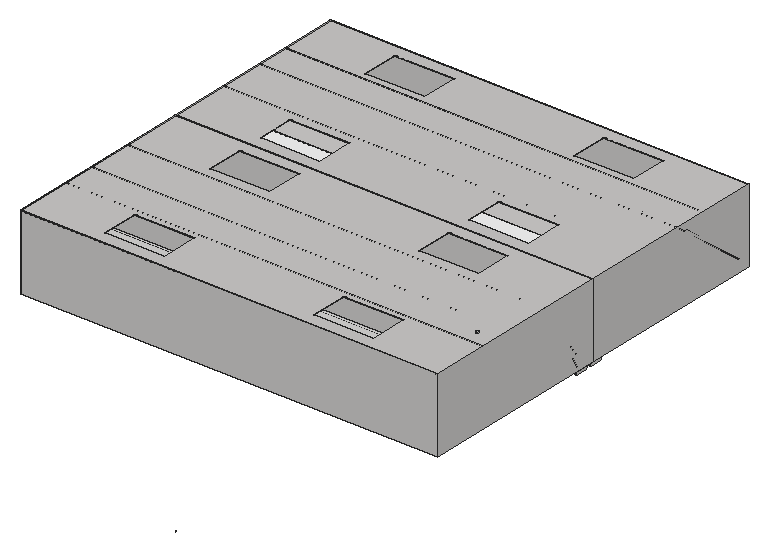
Revit family "QF_ELECTROLUXPROFESSIONAL_640240_STCF2628", category Attrezzature speciali, Revit 2021
Family settings
  Quota connettore circolare = Usa diametro
  Tipo di parte = Normale
  Basato su piano di lavoro = No
  Sempre verticale = Sì
  Taglio con vuoti quando caricato = No
  Condiviso = No
  Punto di calcolo locali = No
Parameters (values of type "Standard")
  Weight = 358.00 kg
  Watts = 480 W
  Volts = 220 V
  URL Manufacturer = "https://www.electroluxprofessional.com/"
  URL = "https://www.electroluxprofessional.com/"
  Steam Supply Size = 0 mm
  Steam Supply Minimum Pressure = 0.0 Pa
  Steam Supply Maximum Pressure = 0.0 Pa
  Steam Consumption per Hour = 0
  Refrigeration Suction Line Size = 0.0 mm
  Refrigeration Liquid Line Size = 0.0 mm
  Refrigerant Compressor Remote = yes
  Prospetto di default = 0.0 mm
  Produttore = "Electrolux Professional"
  Phase = 1
  Modello = "STCF2628"
  Length Actual = 2800.0 mm  # constant formula
  Item Number = "640240"
  Hot Water Size = 0 mm
  Height Actual = 500.0 mm  # constant formula
  HP = "0.6 HP"
  Gas Size = 0 mm
  Gas KW = 0
  Gas Input Pressure = 0 W
  Direct Waste Size = 0 mm
  Descrizione = "304 S/S ISLAND HOOD+FILT.+LAMPS 280X260"
  Depth Actual = 2600.0 mm  # constant formula
  Cycle = 50 Hz
  Condensate Return Size = 0 mm
  Compressed Air Volume = 0.0 L/s
  Compressed Air Size = 0 mm
  Compressed Air Pressure = 0.0 Pa
  Cold Water Size = 0 mm
  Accessory = yes
Reference planes
  plane 1 "Center (Front/Back)": y = 0
  plane 2: z = 0
  plane 3 "Center (Left/Right)": x = 0
  plane 4 "LEFT": x = -1400
  plane 5 "RIGHT": x = 1400
  plane 6 "BACK": y = 1300
  plane 7 "FRONT": y = -1300
  plane 8 "Base": z = 2000
  plane 9 "EIx": x = 1280
  plane 10 "Top": z = 2500
  plane 11 "BaseHood": z = 2000
  plane 12: y = -820
Forms (mm)
  Extrusion 1, solid, material "QF_Finishes_Stainless Steel"
    sketch origin (0, -820, 2500) x (0, 1, 0) y (-1, 0, 0)
      loop
        circle (0, -1280) r 10
    from 0 to 1.6
Dimensions and locks
  plane 4 "LEFT" to plane 5 "RIGHT" = 2800.0 mm
  equal spacing: plane 4 "LEFT", plane 3 "Center (Left/Right)", plane 5 "RIGHT"
  equal spacing: plane 6 "BACK", plane 1 "Center (Front/Back)", plane 7 "FRONT"
  plane 6 "BACK" to plane 7 "FRONT" = 2600.0 mm
  plane 9 "EIx" to plane 5 "RIGHT" = 120.0 mm
  plane 11 "BaseHood" to level = 2000.0 mm
  plane 10 "Top" to plane 11 "BaseHood" = 500.0 mm
  plane 12 to plane 7 "FRONT" = 480.0 mm
  aligned and locked: level to plane 2
Automatic sketch dimensions
  plane 1 "Center (Front/Back)" to Extrusion 1 sketch curve = 820.0 mm
  Extrusion 1 sketch curve to plane 9 "EIx" = 0.0 mm
  radius of Extrusion 1 sketch curve = 10.0 mm
Nested families
  nested 1: "QF_ELECTROLUXPROFESSIONAL_640040" at (-150, -550, 0), type "QF_ELECTROLUXPROFESSIONAL_640040"
  nested 2: "QF_ELECTROLUXPROFESSIONAL_640040" at (-150, 550, 0), type "QF_ELECTROLUXPROFESSIONAL_640040"
Connectors
  piping at (1280, 60, 1970), diameter 9.5
    settings: on nested 2, index 9, connector inside diameter 609.6 mm, connector length 0.0 mm, flow factor 0, pipe flow 0.0 L/s, pressure drop 0.0 Pa, fitting loss kfactor 0, connector angle 0.00°, fixture units 0, engagement length 0.0 mm, angle of deflection 0.00°, flow configuration 1, flow direction 2, fitting loss method 0, system type 16, joint type 0, gender type 0, connector reference index -1, connector utility 0, adjustable connector no, is connector primary yes, connector description "Drain"
  piping at (1280, -60, 1970), diameter 9.5
    settings: on nested 1, index 10, connector inside diameter 609.6 mm, connector length 0.0 mm, flow factor 0, pipe flow 0.0 L/s, pressure drop 0.0 Pa, fitting loss kfactor 0, connector angle 0.00°, fixture units 0, engagement length 0.0 mm, angle of deflection 0.00°, flow configuration 1, flow direction 2, fitting loss method 0, system type 16, joint type 0, gender type 0, connector reference index -1, connector utility 0, adjustable connector no, is connector primary no, connector description "Drain"
  electrical at (1280, -820, 2501.6), driven by "Volts"
    settings: on Extrusion 1, index 11, voltage 220 V, apparent load 0 VA, apparent load phase1 0 VA, apparent load phase2 0 VA, apparent load phase3 0 VA, power factor 1, load classification "Other", number of poles 1, system type 30, power factor state 1, is connector primary yes, connector utility no, sub classification motor no, connector description "Electrical Connection"
  hvac at (-700, -1089, 2500)
    settings: on nested 1, index 12, duct flow 0.0 L/s, flow factor 0, pres drop 0.0 Pa, loss coef 0, conn angle 0.00°, conn width 400 mm, conn height 250 mm, conn diameter 609.6 mm, duct sys type 1, conn prof type 1, flow config 1, flow direction 1, loss method 0, conn ref index -1, conn util no, is conn primary yes, conn desc "AIR INLET"
  hvac at (-700, 1089, 2500)
    settings: on nested 2, index 13, duct flow 0.0 L/s, flow factor 0, pres drop 0.0 Pa, loss coef 0, conn angle 0.00°, conn width 250 mm, conn height 400 mm, conn diameter 609.6 mm, duct sys type 1, conn prof type 1, flow config 1, flow direction 1, loss method 0, conn ref index -1, conn util no, is conn primary no, conn desc "AIR INLET"
  hvac at (700, 1089, 2500)
    settings: on nested 2, index 14, duct flow 0.0 L/s, flow factor 0, pres drop 0.0 Pa, loss coef 0, conn angle 0.00°, conn width 250 mm, conn height 400 mm, conn diameter 609.6 mm, duct sys type 1, conn prof type 1, flow config 1, flow direction 1, loss method 0, conn ref index -1, conn util no, is conn primary no, conn desc "AIR INLET"
  hvac at (700, -1089, 2500)
    settings: on nested 1, index 15, duct flow 0.0 L/s, flow factor 0, pres drop 0.0 Pa, loss coef 0, conn angle 0.00°, conn width 400 mm, conn height 250 mm, conn diameter 609.6 mm, duct sys type 1, conn prof type 1, flow config 1, flow direction 1, loss method 0, conn ref index -1, conn util no, is conn primary no, conn desc "AIR INLET"
  hvac at (-700, 211, 2500)
    settings: on nested 2, index 16, duct flow 0.0 L/s, flow factor 0, pres drop 0.0 Pa, loss coef 0, conn angle 0.00°, conn width 250 mm, conn height 400 mm, conn diameter 609.6 mm, duct sys type 3, conn prof type 1, flow config 1, flow direction 2, loss method 0, conn ref index -1, conn util no, is conn primary no, conn desc "EXHAUST OUTLET"
  hvac at (-700, -211, 2500)
    settings: on nested 1, index 17, duct flow 0.0 L/s, flow factor 0, pres drop 0.0 Pa, loss coef 0, conn angle 0.00°, conn width 400 mm, conn height 250 mm, conn diameter 609.6 mm, duct sys type 3, conn prof type 1, flow config 1, flow direction 2, loss method 0, conn ref index -1, conn util no, is conn primary no, conn desc "EXHAUST OUTLET"
  hvac at (700, 211, 2499.19)
    settings: on nested 2, index 18, duct flow 0.0 L/s, flow factor 0, pres drop 0.0 Pa, loss coef 0, conn angle 0.00°, conn width 250 mm, conn height 400 mm, conn diameter 609.6 mm, duct sys type 3, conn prof type 1, flow config 1, flow direction 2, loss method 0, conn ref index -1, conn util no, is conn primary no, conn desc "EXHAUST OUTLET"
  hvac at (700, -211, 2500)
    settings: on nested 1, index 19, duct flow 0.0 L/s, flow factor 0, pres drop 0.0 Pa, loss coef 0, conn angle 0.00°, conn width 400 mm, conn height 250 mm, conn diameter 609.6 mm, duct sys type 3, conn prof type 1, flow config 1, flow direction 2, loss method 0, conn ref index -1, conn util no, is conn primary no, conn desc "EXHAUST OUTLET"
Definition of nested family "QF_ELECTROLUXPROFESSIONAL_640040"
  Parameters
    Default Elevation = 0.0 mm
  Reference planes
    plane 1: z = 0
    plane 2 "Center (Left/Right)": x = 150
    plane 3 "LEFT": x = -1250
    plane 4 "RIGHT": x = 1550
    plane 5 "BACK": y = 550
    plane 6 "TOP": z = 2500
    plane 7 "Base": z = 2000
    plane 8: z = 1955
    plane 9 "DrainY": y = 490
    plane 10: x = -1247
    plane 11 "DrainX": x = 1430
    plane 12 "AOLeft2": x = -350
    plane 13 "AORight1": x = 650
    plane 14: x = 1547
    plane 15: x = -1050
    plane 16: x = 1350
    plane 17 "Center (Front/Back)": y = -100
    plane 18 "Front": y = -750
    plane 19 "AOLeft1": x = -750
    plane 20 "AORight2": x = 1050
    plane 21: y = -664
    plane 22: y = -414
    plane 23: y = 214
    plane 24 "EI_y": y = -270
    plane 25 "EIx": x = 1430
    plane 26: y = 464
  Forms (mm)
    Extrusion 1, solid
      sketch origin (-1250, 0, 360) x (0, 1, 0) y (0, 0, 1)
        loop
          line (550, 1640) -> (550, 2140) -> (-750, 2140) -> (-750, 1640) -> (550, 1640)
      from 0 to 3
    Extrusion 2, solid
      sketch origin (1550, 0, 360) x (0, 1, 0) y (0, 0, 1)
        loop
          line (550, 1640) -> (550, 2140) -> (-750, 2140) -> (-750, 1640) -> (550, 1640)
      from 0 to -3
    Extrusion 3, solid
      sketch origin (150, 0, 360) x (0, 1, 0) y (0, 0, 1)
        loop
          line (-750, 2140) -> (-750, 1640) -> (-740, 1640) -> (-740, 1640.8) -> (-749.2, 1640.8) -> (-749.2, 2139.19) -> (549.2, 2139.19) -> (549.2, 1640.8) -> (540, 1640.8) -> (540, 1640) -> (550, 1640) -> (550, 2140) -> (-750, 2140)
      from -1400 to 1400
    Extrusion 4, solid
      sketch origin (0, 0, 2000) x (0, 1, 0) y (-1, 0, 0)
        loop
          circle (490, -1430) r 4.763
      from -30 to 0
    Extrusion 5, void
      sketch origin (0, 0, 2500) x (0, 1, 0) y (-1, 0, 0)
        loop
          line (-414, 350) -> (-414, 750) -> (-664, 750) -> (-664, 350) -> (-414, 350)
      from 0 to -10
    Extrusion 6, solid
      sketch origin (0, 0, 0) x (1, 0, 0) y (0, 1, 0)
        loop
          line (-1250, 550) -> (-1250, 549) -> (-1249, 549) -> (-1249, 550) -> (-1250, 550)
      from 0 to 1
    Extrusion 7, solid
      sketch origin (150, 0, 360) x (0, 1, 0) y (0, 0, 1)
        loop
          line (-372.823, 1962.324) -> (-218.948, 2086.929) -> (-227.129, 2097.032) -> (-381.003, 1972.426) -> (-372.823, 1962.324)
      from 1397 to -1397
    Extrusion 8, solid
      sketch origin (150, 0, 360) x (0, 1, 0) y (0, 0, 1)
        loop
          line (-750, 2139.19) -> (-750, 1640) -> (-686.602, 1640) -> (-599.146, 1690.493) -> (-610.058, 1709.394) -> (-666.564, 1676.77) -> (-714.704, 1680.982) -> (-749.2, 1730.248) -> (-749.2, 2139.19) -> (-750, 2139.19)
        loop
          line (-373.6, 1961.694) -> (-381.937, 1971.99) -> (-369.095, 1982.182) -> (-369.095, 2139.19) -> (-369.895, 2139.19) -> (-369.895, 1982.569) -> (-682.298, 1734.63) -> (-671.091, 1720.79) -> (-373.6, 1961.694)
        loop
          line (-227.61, 2099.216) -> (-218.171, 2087.559) -> (-154.411, 2139.19) -> (-155.682, 2139.19) -> (-218.052, 2088.684) -> (-226.989, 2099.719) -> (-227.61, 2099.216)
      from -1397 to 1397
    Sweep 9, solid
      path origin (0, 0, 0) x (1, 0, 0) y (0, 1, 0)
        loop
          line (1550, 550) -> (-1250, 550) -> (-1250, -750) -> (1550, -750) -> (1550, 550)
      profile origin (1550, -100, 0) x (1, 0, 0) y (0, 0, 1)
        loop
          line (-3, 2000) -> (-3, 2000.8) -> (-19, 2000.8) -> (-19, 2010) -> (-20, 2010) -> (-20, 2000) -> (-3, 2000)
    Extrusion 10, solid
      sketch origin (150, 0, 0) x (0, 1, 0) y (0, 0, 1)
        loop
          line (414.66, 2095.469) -> (440.643, 2110.471) -> (235.744, 2411.771) -> (209.948, 2396.455) -> (414.66, 2095.469)
      from -1397 to -1200
    Extrusion 11, void
      sketch origin (1134.605, 0, 2500) x (0, 1, 0) y (-1, 0, 0)
        loop
          line (-414, 84.605) -> (-414, 484.605) -> (-664, 484.605) -> (-664, 84.605) -> (-414, 84.605)
      from 0 to -10
    Extrusion 12, solid
      sketch origin (1430, 0, 0) x (0, 1, 0) y (0, 0, 1)
        loop
          line (539, 2000) -> (441, 2000) -> (441, 1989) -> (448.5, 1989) -> (448.5, 1965)
          arc (448.5, 1965) -> (451.429, 1957.929) -> (458.5, 1955) r 10
          line (458.5, 1955) -> (521.5, 1955)
          arc (521.5, 1955) -> (528.571, 1957.929) -> (531.5, 1965) r 10
          line (531.5, 1965) -> (531.5, 1989) -> (539, 1989) -> (539, 2000)
      from 90 to -90
    Extrusion 13, solid
      sketch origin (150, 0, 360) x (0, 1, 0) y (0, 0, 1)
        loop
          line (-750, 2139.19) -> (-750, 1640) -> (-686.602, 1640) -> (-599.146, 1690.493) -> (-610.058, 1709.394) -> (-666.564, 1676.77) -> (-714.704, 1680.982) -> (-749.2, 1730.248) -> (-749.2, 2139.19) -> (-750, 2139.19)
        loop
          line (-373.6, 1961.694) -> (-381.937, 1971.99) -> (-369.095, 1982.182) -> (-369.095, 2139.19) -> (-369.895, 2139.19) -> (-369.895, 1982.569) -> (-682.298, 1734.63) -> (-671.091, 1720.79) -> (-373.6, 1961.694)
        loop
          line (-227.61, 2099.216) -> (-218.171, 2087.559) -> (-154.411, 2139.19) -> (-155.682, 2139.19) -> (-218.052, 2088.684) -> (-226.989, 2099.719) -> (-227.61, 2099.216)
      from -1397 to 1397
    Extrusion 14, solid
      sketch origin (150, 0, 0) x (0, 1, 0) y (0, 0, 1)
        loop
          line (414.66, 2095.469) -> (440.643, 2110.471) -> (235.744, 2411.771) -> (209.948, 2396.455) -> (414.66, 2095.469)
      from 1200 to 1397
    Extrusion 15, solid
      sketch origin (150, 0, 0) x (0, 1, 0) y (0, 0, 1)
        loop
          line (414.66, 2095.469) -> (440.643, 2110.471) -> (235.744, 2411.771) -> (209.948, 2396.455) -> (414.66, 2095.469)
      from -1200 to 1200
    Extrusion 16, void
      sketch origin (0, 1180, 2500) x (0, 1, 0) y (-1, 0, 0)
        loop
          line (-716, 350) -> (-716, 750) -> (-966, 750) -> (-966, 350) -> (-716, 350)
      from 0 to -10
    Extrusion 17, void
      sketch origin (1600, 1180, 2500) x (0, 1, 0) y (-1, 0, 0)
        loop
          line (-716, 550) -> (-716, 950) -> (-966, 950) -> (-966, 550) -> (-716, 550)
      from 0 to -10
    Extrusion 18, solid
      sketch origin (150, 0, 360) x (0, 1, 0) y (0, 0, 1)
        loop
          line (430.005, 1640) -> (540, 1640) -> (540, 1640.8) -> (430.467, 1640.8) -> (371.906, 1742.23) -> (414.858, 1734.657) -> (442.266, 1750.481) -> (442.266, 1765.943) -> (441.466, 1765.943) -> (441.466, 1750.943) -> (414.709, 1735.495) -> (321.153, 1751.991) -> (320.875, 1750.416) -> (371.4, 1741.507) -> (430.005, 1640)
        loop
          line (146.529, 2139.19) -> (216.893, 2017.316) -> (219.133, 2018.715) -> (214.13, 2027.381) -> (212.569, 2026.405) -> (147.453, 2139.19) -> (146.529, 2139.19)
      from -1397 to 1397
  Cuts and joins
    Extrusion 5, Extrusion 11, Extrusion 16, Extrusion 17 cuts Extrusion 3
    joined: Extrusion 2, Extrusion 3, Sweep 9
  Lines and regions (mm)
    symbolic lines, detail levels coarse
      curve 1: line (1550, 550, 2500) -> (-1250, 550, 2500)
      curve 2: line (-1250, 550, 2500) -> (-1250, -750, 2500)
      curve 3: line (1550, -750, 2500) -> (1550, 550, 2500)
      curve 4: line (-1250, 550, 0) -> (1550, -750, 0)
      curve 5: line (1550, 550, 0) -> (-1250, -750, 0)
      curve 6: line (-1250, -750, 0) -> (1550, -750, 0)
      curve 7: line (-350, -414, 0) -> (-750, -414, 0)
      curve 8: line (-350, -664, 0) -> (-350, -414, 0)
      curve 9: line (-750, -664, 0) -> (-350, -664, 0)
      curve 10: line (-750, -414, 0) -> (-750, -664, 0)
      curve 11: line (650, -414, 0) -> (650, -664, 0)
      curve 12: line (1050, -414, 0) -> (650, -414, 0)
      curve 13: line (1050, -664, 0) -> (1050, -414, 0)
      curve 14: line (650, -664, 0) -> (1050, -664, 0)
      curve 15: line (-750, 214, 2500) -> (-350, 214, 2500)
      curve 16: line (-750, 464, 2500) -> (-750, 214, 2500)
      curve 17: line (-350, 464, 2500) -> (-750, 464, 2500)
      curve 18: line (-350, 214, 2500) -> (-350, 464, 2500)
      curve 19: line (650, 464, 2500) -> (650, 214, 2500)
      curve 20: line (1050, 464, 2500) -> (650, 464, 2500)
      curve 21: line (650, 214, 2500) -> (1050, 214, 2500)
      curve 22: line (1050, 214, 2500) -> (1050, 464, 2500)
  Dimensions and locks
    plane 3 "LEFT" to plane 4 "RIGHT" = 2800.0 mm
    equal spacing: plane 3 "LEFT", plane 2 "Center (Left/Right)", plane 4 "RIGHT"
    plane 7 "Base" to plane 8 = 45.0 mm
    plane 5 "BACK" to plane 9 "DrainY" = 60.0 mm  (x2)
    plane 3 "LEFT" to plane 10 = 3.0 mm
    plane 11 "DrainX" to plane 4 "RIGHT" = 120.0 mm
    plane 14 to plane 4 "RIGHT" = 3.0 mm
    plane 3 "LEFT" to plane 15 = 200.0 mm
    plane 16 to plane 4 "RIGHT" = 200.0 mm
    locked: plane 12 "AOLeft2" to plane 13 "AORight1" at 1000
    equal spacing: plane 12 "AOLeft2", plane 2 "Center (Left/Right)", plane 13 "AORight1"
    locked: plane 7 "Base" to level at 2000
    locked: plane 6 "TOP" to plane 7 "Base" at 500
    plane 5 "BACK" to plane 18 "Front" = 1300.0 mm  (x2)
    equal spacing: plane 5 "BACK", plane 17 "Center (Front/Back)", plane 18 "Front"
    locked: plane 19 "AOLeft1" to plane 12 "AOLeft2" at 400
    locked: plane 13 "AORight1" to plane 20 "AORight2" at 400
    locked: plane 22 to plane 21 at 250
    plane 21 to plane 18 "Front" = 86.0 mm
    locked: plane 24 "EI_y" to plane 18 "Front" at 480
    locked: plane 25 "EIx" to plane 4 "RIGHT" at 120
    plane 5 "BACK" to plane 26 = 86.0 mm
    plane 26 to plane 23 = 250.0 mm
    aligned and locked: level to plane 1
    aligned and locked: plane 4 "RIGHT" to Extrusion 3
    aligned and locked: Extrusion 3 to plane 3 "LEFT"
    aligned and locked: Extrusion 2 to plane 14
    aligned and locked: Extrusion 10 to plane 10
    aligned and locked: Extrusion 8 to plane 10
    aligned and locked: plane 14 to Extrusion 8
    aligned and locked: Extrusion 5 to plane 19 "AOLeft1"
    aligned and locked: Extrusion 5 to plane 12 "AOLeft2"
    aligned and locked: plane 20 "AORight2" to Extrusion 11
    aligned and locked: plane 13 "AORight1" to Extrusion 11
    aligned and locked: plane 15 to Extrusion 10
    aligned and locked: plane 16 to Extrusion 14
    aligned and locked: plane 14 to Extrusion 14
    aligned and locked: Extrusion 15 to plane 15
    aligned and locked: Extrusion 15 to plane 16
    aligned and locked: plane 14 to Extrusion 7
    aligned and locked: Extrusion 7 to plane 10
    aligned and locked: Extrusion 16 to plane 23
    aligned and locked: Extrusion 17 to plane 23
    aligned and locked: plane 13 "AORight1" to Extrusion 17
    aligned and locked: plane 20 "AORight2" to Extrusion 17
    aligned and locked: Extrusion 16 to plane 19 "AOLeft1"
    aligned and locked: Extrusion 16 to plane 12 "AOLeft2"
    aligned and locked: Extrusion 18 to plane 10
    aligned and locked: plane 14 to Extrusion 18
    aligned and locked: plane 14 to Extrusion 13
    aligned and locked: Extrusion 13 to plane 10
    aligned and locked: cut or joined group of Extrusion 2, Extrusion 3, Extrusion 5, Sweep 9, Extrusion 11, Extrusion 16, Extrusion 17 to plane 21  (x2)
    aligned and locked: curve 9 to plane 21
    aligned and locked: plane 22 to cut or joined group of Extrusion 2, Extrusion 3, Extrusion 5, Sweep 9, Extrusion 11, Extrusion 16, Extrusion 17  (x2)
    aligned and locked: plane 22 to curve 7
    aligned and locked: curve 14 to plane 21
    aligned and locked: plane 22 to curve 12
    aligned and locked: plane 26 to cut or joined group of Extrusion 2, Extrusion 3, Extrusion 5, Sweep 9, Extrusion 11, Extrusion 16, Extrusion 17  (x2)
    aligned and locked: plane 26 to curve 17
    aligned and locked: plane 26 to curve 20
  Automatic sketch dimensions
    curve 6 to plane 3 "LEFT" = 0.0 mm
    curve 4 to plane 3 "LEFT" = 0.0 mm
    curve 10 to plane 19 "AOLeft1" = 0.0 mm
    curve 8 to plane 12 "AOLeft2" = 0.0 mm
    curve 14 to plane 13 "AORight1" = 0.0 mm
    curve 14 to plane 20 "AORight2" = 0.0 mm
    curve 5 to plane 4 "RIGHT" = 0.0 mm
    curve 6 to plane 4 "RIGHT" = 0.0 mm
    curve 4 to plane 18 "Front" = 0.0 mm
    curve 4 to plane 5 "BACK" = 0.0 mm
    curve 5 to plane 5 "BACK" = 0.0 mm
    curve 2 to plane 3 "LEFT" = 0.0 mm
    curve 2 to plane 18 "Front" = 0.0 mm
    curve 3 to plane 4 "RIGHT" = 0.0 mm
    curve 3 to plane 18 "Front" = 0.0 mm
    curve 2 to plane 5 "BACK" = 0.0 mm
    Extrusion 1 sketch curve to plane 7 "Base" = 0.0 mm
    Extrusion 1 sketch curve to plane 18 "Front" = 0.0 mm
    Extrusion 1 sketch curve to plane 5 "BACK" = 0.0 mm
    Extrusion 1 sketch curve to plane 6 "TOP" = 0.0 mm
    Extrusion 2 sketch curve to plane 7 "Base" = 0.0 mm
    Extrusion 2 sketch curve to plane 18 "Front" = 0.0 mm
    Extrusion 2 sketch curve to plane 5 "BACK" = 0.0 mm
    Extrusion 2 sketch curve to plane 6 "TOP" = 0.0 mm
    Extrusion 3 sketch curve to plane 6 "TOP" = 0.0 mm
    Extrusion 3 sketch curve to plane 18 "Front" = 0.0 mm
    Extrusion 3 sketch curve to plane 7 "Base" = 0.0 mm  (x2)
    Extrusion 3 sketch curve to plane 5 "BACK" = 0.0 mm
    plane 18 "Front" to Extrusion 3 sketch curve = 0.8 mm
    Extrusion 3 sketch curve to Extrusion 3 sketch curve = 9.2 mm
    plane 7 "Base" to Extrusion 3 sketch curve = 0.8 mm  (x2)
    Extrusion 3 sketch curve to plane 5 "BACK" = 10.0 mm
    Extrusion 3 sketch curve to plane 5 "BACK" = 0.8 mm
    Extrusion 3 sketch curve to plane 6 "TOP" = 0.81 mm
    Extrusion 4 sketch curve to plane 9 "DrainY" = 0.0 mm
    Extrusion 4 sketch curve to plane 11 "DrainX" = 0.0 mm
    Extrusion 5 sketch curve to plane 12 "AOLeft2" = 0.0 mm
    Extrusion 5 sketch curve to plane 19 "AOLeft1" = 0.0 mm
    plane 21 to Extrusion 5 sketch curve = 0.0 mm
    Extrusion 5 sketch curve to plane 24 "EI_y" = 144.0 mm
    Extrusion 6 sketch curve to plane 3 "LEFT" = 0.0 mm
    Extrusion 6 sketch curve to plane 5 "BACK" = 0.0 mm
    plane 3 "LEFT" to Extrusion 6 sketch curve = 1.0 mm
    Extrusion 6 sketch curve to Extrusion 6 sketch curve = 1.0 mm
    plane 22 to Extrusion 7 sketch curve = 32.997 mm
    Extrusion 7 sketch curve to Extrusion 7 sketch curve = 8.181 mm  (x2)
    plane 24 "EI_y" to Extrusion 7 sketch curve = 42.871 mm
    Extrusion 7 sketch curve to plane 6 "TOP" = 177.676 mm
    Extrusion 7 sketch curve to Extrusion 7 sketch curve = 10.102 mm
    Extrusion 7 sketch curve to plane 6 "TOP" = 53.071 mm
    Extrusion 7 sketch curve to Extrusion 7 sketch curve = 10.103 mm
    Extrusion 8 sketch curve to plane 7 "Base" = 0.0 mm
    Extrusion 8 sketch curve to plane 18 "Front" = 0.0 mm
    Extrusion 8 sketch curve to Extrusion 8 sketch curve = 0.8 mm  (x2)
    plane 18 "Front" to Extrusion 8 sketch curve = 35.296 mm
    Extrusion 8 sketch curve to plane 21 = 22.602 mm
    Extrusion 8 sketch curve to plane 21 = 18.298 mm
    Extrusion 8 sketch curve to plane 21 = 7.091 mm
    Extrusion 8 sketch curve to plane 21 = 2.564 mm
    plane 21 to Extrusion 8 sketch curve = 53.942 mm
    Extrusion 8 sketch curve to Extrusion 8 sketch curve = 10.912 mm
    plane 22 to Extrusion 8 sketch curve = 32.063 mm
    Extrusion 8 sketch curve to Extrusion 8 sketch curve = 8.337 mm
    Extrusion 8 sketch curve to Extrusion 8 sketch curve = 12.042 mm
    plane 24 "EI_y" to Extrusion 8 sketch curve = 42.39 mm
    Extrusion 8 sketch curve to Extrusion 8 sketch curve = 0.622 mm
    Extrusion 8 sketch curve to Extrusion 8 sketch curve = 9.44 mm
    Extrusion 8 sketch curve to Extrusion 8 sketch curve = 0.118 mm
    Extrusion 8 sketch curve to plane 6 "TOP" = 0.81 mm  (x3)
    Extrusion 8 sketch curve to plane 17 "Center (Front/Back)" = 55.682 mm
    Extrusion 8 sketch curve to Extrusion 8 sketch curve = 1.271 mm
    plane 7 "Base" to Extrusion 8 sketch curve = 36.77 mm
    plane 7 "Base" to Extrusion 8 sketch curve = 40.982 mm
    plane 7 "Base" to Extrusion 8 sketch curve = 50.493 mm
    Extrusion 8 sketch curve to Extrusion 8 sketch curve = 18.901 mm
    Extrusion 8 sketch curve to Extrusion 8 sketch curve = 44.02 mm
    Extrusion 8 sketch curve to Extrusion 8 sketch curve = 49.266 mm
    Extrusion 8 sketch curve to Extrusion 8 sketch curve = 13.84 mm
    Extrusion 8 sketch curve to plane 6 "TOP" = 178.306 mm
    Extrusion 8 sketch curve to Extrusion 8 sketch curve = 10.296 mm
    Extrusion 8 sketch curve to Extrusion 8 sketch curve = 10.192 mm
    Extrusion 8 sketch curve to Extrusion 8 sketch curve = 0.386 mm
    Extrusion 8 sketch curve to plane 6 "TOP" = 52.441 mm
    Extrusion 8 sketch curve to Extrusion 8 sketch curve = 1.125 mm
    Sweep 9 sketch curve to plane 3 "LEFT" = 0.0 mm
    Sweep 9 sketch curve to plane 4 "RIGHT" = 0.0 mm
    Sweep 9 sketch curve to plane 18 "Front" = 0.0 mm
    Sweep 9 sketch curve to plane 5 "BACK" = 0.0 mm
    profile plane to Sweep 9 sketch curve = 20.0 mm
    Sweep 9 sketch curve to Sweep 9 sketch curve = 1.0 mm
    profile plane to Sweep 9 sketch curve = 3.0 mm
    level to Sweep 9 sketch curve = 2000.0 mm
    Sweep 9 sketch curve to Sweep 9 sketch curve = 0.8 mm
    Sweep 9 sketch curve to Sweep 9 sketch curve = 9.2 mm
    Extrusion 10 sketch curve to plane 23 = 4.052 mm
    plane 23 to Extrusion 10 sketch curve = 21.744 mm
    Extrusion 10 sketch curve to plane 9 "DrainY" = 75.34 mm
    Extrusion 10 sketch curve to Extrusion 10 sketch curve = 25.983 mm
    plane 7 "Base" to Extrusion 10 sketch curve = 95.469 mm
    Extrusion 10 sketch curve to Extrusion 10 sketch curve = 15.001 mm
    Extrusion 10 sketch curve to plane 6 "TOP" = 103.545 mm
    Extrusion 10 sketch curve to Extrusion 10 sketch curve = 15.316 mm
    Extrusion 11 sketch curve to plane 20 "AORight2" = 0.0 mm
    Extrusion 11 sketch curve to plane 13 "AORight1" = 0.0 mm
    plane 21 to Extrusion 11 sketch curve = 0.0 mm
    Extrusion 11 sketch curve to plane 24 "EI_y" = 144.0 mm
    Extrusion 13 sketch curve to plane 7 "Base" = 0.0 mm
    Extrusion 13 sketch curve to plane 18 "Front" = 0.0 mm
    Extrusion 13 sketch curve to Extrusion 13 sketch curve = 0.8 mm  (x2)
    plane 18 "Front" to Extrusion 13 sketch curve = 35.296 mm
    Extrusion 13 sketch curve to plane 21 = 22.602 mm
    Extrusion 13 sketch curve to plane 21 = 18.298 mm
    Extrusion 13 sketch curve to plane 21 = 7.091 mm
    Extrusion 13 sketch curve to plane 21 = 2.564 mm
    plane 21 to Extrusion 13 sketch curve = 53.942 mm
    Extrusion 13 sketch curve to Extrusion 13 sketch curve = 10.912 mm
    plane 22 to Extrusion 13 sketch curve = 32.063 mm
    Extrusion 13 sketch curve to Extrusion 13 sketch curve = 8.337 mm
    Extrusion 13 sketch curve to plane 6 "TOP" = 0.81 mm  (x3)
    plane 22 to Extrusion 13 sketch curve = 44.105 mm
    plane 24 "EI_y" to Extrusion 13 sketch curve = 42.39 mm
    Extrusion 13 sketch curve to Extrusion 13 sketch curve = 0.622 mm
    Extrusion 13 sketch curve to Extrusion 13 sketch curve = 9.44 mm
    Extrusion 13 sketch curve to Extrusion 13 sketch curve = 0.118 mm
    Extrusion 13 sketch curve to plane 17 "Center (Front/Back)" = 55.682 mm
    Extrusion 13 sketch curve to Extrusion 13 sketch curve = 1.271 mm
    plane 7 "Base" to Extrusion 13 sketch curve = 36.77 mm
    plane 7 "Base" to Extrusion 13 sketch curve = 40.982 mm
    plane 7 "Base" to Extrusion 13 sketch curve = 50.493 mm
    Extrusion 13 sketch curve to Extrusion 13 sketch curve = 18.901 mm
    Extrusion 13 sketch curve to Extrusion 13 sketch curve = 44.02 mm
    Extrusion 13 sketch curve to Extrusion 13 sketch curve = 49.266 mm
    Extrusion 13 sketch curve to Extrusion 13 sketch curve = 13.84 mm
    Extrusion 13 sketch curve to Extrusion 13 sketch curve = 177.496 mm
    Extrusion 13 sketch curve to Extrusion 13 sketch curve = 10.296 mm
    Extrusion 13 sketch curve to Extrusion 13 sketch curve = 10.192 mm
    Extrusion 13 sketch curve to Extrusion 13 sketch curve = 0.386 mm
    Extrusion 13 sketch curve to plane 6 "TOP" = 52.441 mm
    Extrusion 13 sketch curve to Extrusion 13 sketch curve = 1.125 mm
    Extrusion 14 sketch curve to plane 23 = 4.052 mm
    plane 23 to Extrusion 14 sketch curve = 21.744 mm
    Extrusion 14 sketch curve to plane 9 "DrainY" = 75.34 mm
    Extrusion 14 sketch curve to Extrusion 14 sketch curve = 25.983 mm
    plane 7 "Base" to Extrusion 14 sketch curve = 95.469 mm
    Extrusion 14 sketch curve to Extrusion 14 sketch curve = 15.001 mm
    Extrusion 14 sketch curve to plane 6 "TOP" = 103.545 mm
    Extrusion 14 sketch curve to Extrusion 14 sketch curve = 15.316 mm
    Extrusion 15 sketch curve to plane 23 = 4.052 mm
    plane 23 to Extrusion 15 sketch curve = 21.744 mm
    Extrusion 15 sketch curve to plane 9 "DrainY" = 75.34 mm
    Extrusion 15 sketch curve to Extrusion 15 sketch curve = 25.983 mm
    plane 7 "Base" to Extrusion 15 sketch curve = 95.469 mm
    Extrusion 15 sketch curve to Extrusion 15 sketch curve = 15.001 mm
    Extrusion 15 sketch curve to plane 6 "TOP" = 103.545 mm
    Extrusion 15 sketch curve to Extrusion 15 sketch curve = 15.316 mm
    Extrusion 16 sketch curve to plane 12 "AOLeft2" = 0.0 mm
    Extrusion 16 sketch curve to plane 23 = 0.0 mm
    Extrusion 16 sketch curve to plane 9 "DrainY" = 26.0 mm
    Extrusion 16 sketch curve to plane 19 "AOLeft1" = 0.0 mm
    Extrusion 17 sketch curve to plane 20 "AORight2" = 0.0 mm
    Extrusion 17 sketch curve to plane 23 = 0.0 mm
    Extrusion 17 sketch curve to plane 9 "DrainY" = 26.0 mm
    Extrusion 17 sketch curve to plane 13 "AORight1" = 0.0 mm
    Extrusion 18 sketch curve to plane 7 "Base" = 0.0 mm
    Extrusion 18 sketch curve to plane 9 "DrainY" = 47.734 mm
    Extrusion 18 sketch curve to Extrusion 18 sketch curve = 0.8 mm
    plane 9 "DrainY" to Extrusion 18 sketch curve = 50.0 mm
    plane 7 "Base" to Extrusion 18 sketch curve = 0.8 mm
    Extrusion 18 sketch curve to Extrusion 18 sketch curve = 109.533 mm
    Extrusion 18 sketch curve to Extrusion 18 sketch curve = 0.462 mm  (x2)
    Extrusion 18 sketch curve to Extrusion 18 sketch curve = 26.608 mm
    Extrusion 18 sketch curve to Extrusion 18 sketch curve = 0.148 mm
    Extrusion 18 sketch curve to Extrusion 18 sketch curve = 42.803 mm
    Extrusion 18 sketch curve to Extrusion 18 sketch curve = 0.506 mm
    Extrusion 18 sketch curve to Extrusion 18 sketch curve = 50.247 mm
    Extrusion 18 sketch curve to Extrusion 18 sketch curve = 0.278 mm
    plane 23 to Extrusion 18 sketch curve = 5.133 mm
    Extrusion 18 sketch curve to Extrusion 18 sketch curve = 2.24 mm
    plane 23 to Extrusion 18 sketch curve = 0.13 mm
    Extrusion 18 sketch curve to plane 23 = 1.431 mm
    Extrusion 18 sketch curve to plane 6 "TOP" = 0.81 mm
    Extrusion 18 sketch curve to plane 23 = 66.547 mm
    Extrusion 18 sketch curve to Extrusion 18 sketch curve = 0.924 mm
    plane 7 "Base" to Extrusion 18 sketch curve = 94.657 mm
    Extrusion 18 sketch curve to Extrusion 18 sketch curve = 0.838 mm
    Extrusion 18 sketch curve to Extrusion 18 sketch curve = 6.012 mm
    Extrusion 18 sketch curve to Extrusion 18 sketch curve = 0.723 mm
    Extrusion 18 sketch curve to Extrusion 18 sketch curve = 14.986 mm
    Extrusion 18 sketch curve to Extrusion 18 sketch curve = 15.0 mm
    Extrusion 18 sketch curve to plane 6 "TOP" = 122.684 mm
    Extrusion 18 sketch curve to Extrusion 18 sketch curve = 1.399 mm
    Extrusion 18 sketch curve to Extrusion 18 sketch curve = 9.089 mm
    Extrusion 18 sketch curve to Extrusion 18 sketch curve = 0.975 mm
    curve 15 to plane 19 "AOLeft1" = 0.0 mm
    curve 15 to plane 23 = 0.0 mm
    curve 15 to plane 12 "AOLeft2" = 0.0 mm
    curve 19 to plane 13 "AORight1" = 0.0 mm
    curve 19 to plane 23 = 0.0 mm
    curve 21 to plane 20 "AORight2" = 0.0 mm
    Extrusion 12 sketch curve to plane 8 = 0.0 mm
    Extrusion 12 sketch curve to plane 7 "Base" = 11.0 mm  (x2)
    Extrusion 12 sketch curve to plane 9 "DrainY" = 49.0 mm
    Extrusion 12 sketch curve to Extrusion 12 sketch curve = 7.5 mm  (x2)
    Extrusion 12 sketch curve to Extrusion 12 sketch curve = 10.0 mm
    Extrusion 12 sketch curve to plane 5 "BACK" = 28.5 mm
    Extrusion 12 sketch curve to plane 5 "BACK" = 18.5 mm
    plane 7 "Base" to Extrusion 12 sketch curve = 0.0 mm
    radius of Extrusion 4 sketch curve = 4.763 mm
